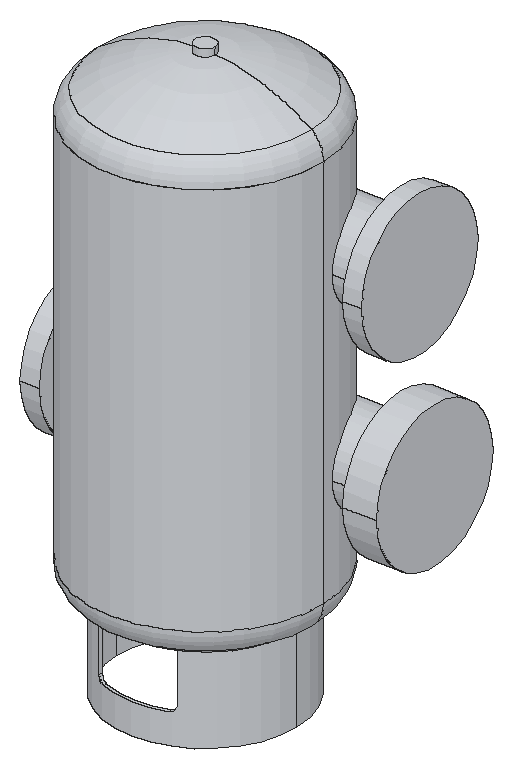
Revit family
Parameters (values of type "6-AS 125# W.P.")
  Weight = "250 lbs"
  Top to Inlet = 12.500"
  Top Connection Radius = 0.375"
  Top Connection Diameter = Top Connection Radius * 2  # 0.750"
  Tank Height = 43.250"
  Tangential = yes
  Tank Height Less Stand = 39.000"
  Tank Diameter = 18.000"
  Pipe Location off CL = 4.188"
  Outlet Pipe Flange Conn. Radius = Outlet Pipe Flange Conn / 2  # 3.000"
  Outlet Pipe Flange Conn = 6.000"
  Nipple Connection Radius = 2.000"
  Model = "6\"-AS"
  Pressure Drop = ".78"
  Max Operating Temp = "350 DEG F"
  Max Operating Pressure = "125 PSI"
  Manufacturer = "Amtrol"
  Inlet CL to Outlet CL = 14.000"
  Inlet Pipe Flange Conn = 6.000"
  Inlet Pipe Flange Conn. Radius = Inlet Pipe Flange Conn / 2  # 3.000"
  Flow (GPM) = "540"
  Flange to Flange Height = 26.000"
  CL to Outlet Flange = 13.000"
  Bottom Connection Radius = Bottom Connection Diameter / 2  # 0.375"
  Bottom Connection Diameter = 0.750"
  ASME = yes
Types (4): name | Max Operating Pressure
  (no name) | "125 PSI"
  6-AS 125# W.P. | "125 PSI"
  6-AS 150# W.P. 10 BAR | "150 PSI"
  6-AS 175# W.P. | "175 PSI"
Reference planes (in)
  plane 1 "Center (Front/Back)": y = 0
  plane 2: z = 0
  plane 3 "Center (Left/Right)": x = 0
Forms (in)
  Revolve 1, solid
    sketch origin (0, 0, 0) x (1, 0, 0) y (0, 0, 1)
      loop
        arc (0, 0.5) -> (4.25947, 1.17236) -> (8.08963, 3.15354) r 13.5
        arc (8.08963, 3.15354) -> (8.75711, 3.9444) -> (8.99997, 4.95038) r 2.25
        line (8.99997, 4.95038) -> (8.99997, 35.04512)
        arc (8.99997, 35.04512) -> (8.76301, 36.076) -> (8.08117, 36.88468) r 2.25
        arc (8.08117, 36.88468) -> (4.25163, 38.84445) -> (0, 39.5) r 13.5
        line (0, 39.5) -> (0, 0.5)
      axis (0, 0.5) -> (0, 39.5)
    angle from 0 to 360
  Extrusion 2, solid
    sketch origin (0, 0, 4.33383) x (0, 1, 0) y (0, 0, 1)
      loop
        circle (4.188, 22.63961) r 3.3125
    from 2.04863 to 11.52176
  Extrusion 3, solid
    sketch origin (2.26407, 0, 5.20428) x (0, 1, 0) y (0, 0, 1)
      loop
        circle (4.188, 7.76915) r 3.3125
    from -13.78583 to 9.2577
  Extrusion 4, solid
    sketch origin (0, 0, 8.25512) x (0, 1, 0) y (0, 0, 1)
      loop
        circle (4.188, 18.71832) r 5.5
    from 11.52176 to 12.937
  Extrusion 5, solid
    sketch origin (0, 0, 0.63219) x (0, 1, 0) y (0, 0, 1)
      loop
        circle (4.188, 12.34125) r 5.5
    from -11.52176 to -13
  Sweep 6, solid
    path origin (0.01332, 0, 16.29194) x (1, 0, 0) y (0, 0, 1)
      loop
        line (0, 23.1815) -> (0, 23.6875)
    profile origin (0.01332, 0, 39.72644) x (-1, 0, 0) y (0, -1, 0)
      loop
        circle (0, 0) r 0.75
  Sweep 7, solid
    path origin (0, 0, 0) x (1, 0, 0) y (0, 0, 1)
      loop
        line (0, 0) -> (0, 0.5538)
    profile origin (0, 0, 0.2769) x (-1, 0, 0) y (0, -1, 0)
      loop
        circle (0, 0) r 0.75
  Extrusion 8, solid
    sketch origin (0, 0, 0) x (0, 1, 0) y (0, 0, 1)
      loop
        circle (4.188, 12.97344) r 5.5
    from 14.08176 to 11.52176
  Extrusion 9, solid
    sketch origin (0, 0, 0) x (1, 0, 0) y (0, 1, 0)
      loop
        circle (0, 0) r 7
      loop
        circle (0, 0) r 6.75
    from 2.75832 to -4.11838
  Extrusion 10, void
    sketch origin (0, 0, 0) x (1, 0, 0) y (0, 0, 1)
      loop
        line (-3, 2.75832) -> (-3, -1.28563)
        arc (-3, -1.28563) -> (-2.85355, -1.63919) -> (-2.5, -1.78563) r 0.5
        line (-2.5, -1.78563) -> (2.5, -1.78563)
        arc (2.5, -1.78563) -> (2.85355, -1.63919) -> (3, -1.28563) r 0.5
        line (3, -1.28563) -> (3, 2.75832) -> (-3, 2.75832)
    from 4.41095 to 9.57176
Cuts and joins
  Extrusion 10 cuts Sweep 7
  Extrusion 10 cuts Extrusion 9
Text (in)
  text "INLET" at (16.37004, 0, 24.72974), in view "Front"
  text "OUTLET" at (-25.37188, 0, 12.35504), in view "Front"
  text "STRAINER\n\nACCESS" at (21.53004, 0, 13.85395), in view "Front"
Dimensions and locks (in)
  "Pipe Location off CL": plane 1 "Center (Front/Back)" to Extrusion 2 sketch curve
  "Pipe Location off CL": plane 1 "Center (Front/Back)" to Extrusion 3 sketch curve
  "Pipe Location off CL": Extrusion 5 sketch curve to plane 1 "Center (Front/Back)"
  "Pipe Location off CL": Extrusion 4 sketch curve to plane 1 "Center (Front/Back)"
  "CL to Outlet Flange": Extrusion 5 to plane 3 "Center (Left/Right)"
  "Top to Inlet": Sweep 6 to Extrusion 4 sketch curve
  "Top to Inlet": Sweep 6 to Extrusion 2 sketch curve
  Sweep 6 to Extrusion 5 sketch curve = 26.500"
  Revolve 1 sketch curve to Revolve 1 sketch curve = 8.99997"
  "Tank Height Less Stand": Revolve 1 sketch curve to Revolve 1 sketch curve
  locked: Revolve 1 sketch curve to level at 0.5
  locked: Sweep 6 to Extrusion 8 sketch curve at 26.5
  radius of Revolve 1 sketch curve = 13.500"  (x2)
  radius of Revolve 1 sketch curve = 2.250"  (x2)
  aligned and locked: Extrusion 2 to Extrusion 4
  aligned and locked: Extrusion 3 to Extrusion 5
  aligned and locked: Extrusion 3 to Extrusion 2
  aligned and locked: plane 3 "Center (Left/Right)" to Revolve 1 sketch curve
  aligned and locked: Extrusion 2 to Extrusion 8
Automatic sketch dimensions
  plane 3 "Center (Left/Right)" to Sweep 6 sketch curve = 0.01332"
  level to Sweep 6 sketch curve = 39.47344"
  Sweep 6 sketch curve to Sweep 6 sketch curve = 0.506"
  plane 1 "Center (Front/Back)" to Sweep 6 sketch curve = 0.000"
  Sweep 6 sketch curve to profile plane = 0.000"
  Sweep 7 sketch curve to plane 3 "Center (Left/Right)" = 0.000"
  Sweep 7 sketch curve to level = 0.000"
  level to Sweep 7 sketch curve = 0.5538"
  plane 1 "Center (Front/Back)" to Sweep 7 sketch curve = 0.000"
  Sweep 7 sketch curve to profile plane = 0.000"
  Extrusion 8 sketch curve to plane 1 "Center (Front/Back)" = 4.188"
  Extrusion 9 sketch curve to Extrusion 9 sketch curve = 0.000"  (x2)
  plane 1 "Center (Front/Back)" to Extrusion 9 sketch curve = 0.000"
  Extrusion 9 sketch curve to plane 3 "Center (Left/Right)" = 0.000"
  Extrusion 10 sketch curve to plane 3 "Center (Left/Right)" = 3.000"
  Extrusion 10 sketch curve to Extrusion 10 sketch curve = 0.500"  (x2)
  Extrusion 10 sketch curve to level = 1.28563"
  plane 3 "Center (Left/Right)" to Extrusion 10 sketch curve = 2.500"
  level to Extrusion 10 sketch curve = 2.75832"
  Revolve 1 sketch curve to plane 3 "Center (Left/Right)" = 0.000"
  plane 3 "Center (Left/Right)" to Revolve 1 sketch curve = 0.05183"
  plane 3 "Center (Left/Right)" to Revolve 1 sketch curve = 0.09487"
  Revolve 1 sketch curve to Revolve 1 sketch curve = 0.9188"
  Revolve 1 sketch curve to Revolve 1 sketch curve = 0.000"  (x2)
  Revolve 1 sketch curve to Revolve 1 sketch curve = 0.91034"
  Revolve 1 sketch curve to level = 1.78563"
  Revolve 1 sketch curve to Revolve 1 sketch curve = 14.74093"
  level to Extrusion 3 sketch curve = 12.97344"
  radius of Extrusion 2 sketch curve = 3.3125"
  radius of Extrusion 3 sketch curve = 3.3125"
  radius of Extrusion 4 sketch curve = 5.500"
  radius of Extrusion 5 sketch curve = 5.500"
  radius of Sweep 6 sketch curve = 0.750"
  radius of Sweep 7 sketch curve = 0.750"
  radius of Extrusion 8 sketch curve = 5.500"
  radius of Extrusion 9 sketch curve = 7.000"
  radius of Extrusion 9 sketch curve = 6.750"
Connectors (in)
  piping at (0.01332, 0, 39.97944), driven by "Top Connection Radius"
    settings: on Sweep 6, index 3
  piping at (-13, 4.188, 12.97344), driven by "Outlet Pipe Flange Conn. Radius"
    settings: on Extrusion 5, index 4
  piping at (0, 0, 0), driven by "Bottom Connection Radius"
    settings: on Sweep 7, index 5
  piping at (12.937, 4.188, 26.97344), driven by "Inlet Pipe Flange Conn. Radius"
    settings: on Extrusion 4, index 6
